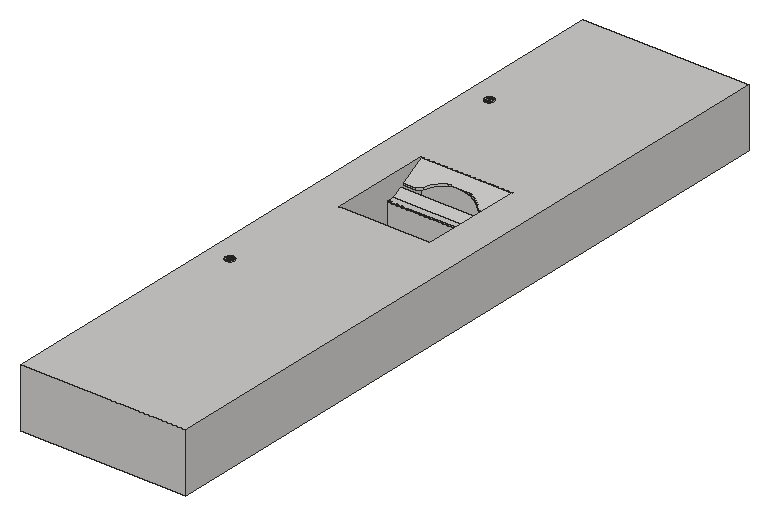
Revit family "B-380349", category Specialty Equipment, host Face, Revit 2019
Family settings
  Host = Face
  Round Connector Dimension = Use Diameter
  Part Type = Normal
  OmniClass Number = 23.40.20.21.17
  OmniClass Title = Paper Towel Dispensers, Disposal Units
  Cut with Voids When Loaded = Yes
  Shared = Yes
  Room Calculation Point = No
Parameters (values of type "B-380349")
  Width = 13"
  URL = "http://www.bobrick.com/"
  Type Comments = ""
  Revised Date = "11/04/2020"  # constant formula
  Product Page URL = "https://www.bobrick.com/products/washroom-accessories/washroom-accessories-catalog/product/b-380349/"
  Product Documentation Link = "https://www.bobrick.com/wp-content/uploads/B-380349_td.pdf"
  Model = "B-380349"
  Material = "Stainless Steel-Bobrick-Satin"
  Manufacturer = "Bobrick"
  Label = "4"
  Height = 55 1/8"
  Finish = Stainless Steel-Bobrick-Satin
  Description = "TrimLineSeries Recessed Paper Towel Dispenser And Waste Receptacle"
  Depth = 13 5/8"
  Default Elevation = 48"  # constant formula
  Creation Date = "04/24/2018"  # constant formula
  Assembly Code = "C1030200"
Reference planes (in)
  plane 1 "Center (Front/Back)": y = 0
  plane 2: z = 0
  plane 3 "Center (Left/Right)": x = 0
  plane 4: x = -6.5
  plane 5: y = 27.5625
  plane 6: y = -27.5625
  plane 7: x = 6.5
  plane 8: x = 5.53125
  plane 9: x = -5.53125
  plane 10: y = 26.59375
  plane 11: y = -26.59375
  plane 12: z = 4.625
  plane 13: y = 6.6875
  plane 14: z = 4.0625
  plane 15: x = -4.74385
  plane 16: y = -9.19474
  plane 17: y = 5.98054
  plane 18 "Finish Face of Flr": y = -42.01946
Forms (in)
  Extrusion 1, solid, material "Stainless Steel-Bobrick-Satin" <- "Finish"
    sketch origin (0, 0, 0) x (1, 0, 0) y (0, 1, 0)
      loop
        line (-6.5, 27.5625) -> (-6.5, -27.5625) -> (6.5, -27.5625) -> (6.5, 27.5625) -> (-6.5, 27.5625)
      loop
        line (-3.58641, 8.07155) -> (-3.58641, 0) -> (3.58641, 0) -> (3.58641, 8.07155) -> (-3.58641, 8.07155)
    from 0 to 4.0625
  Extrusion 2, solid, material "Stainless Steel-Bobrick-Satin" <- "Finish"
    sketch origin (0, 29.9335, 4.625) x (0, 1, 0) y (-1, 0, 0)
      loop
        line (-2.371, 6.5) -> (-57.496, 6.5) -> (-57.496, -6.5) -> (-2.371, -6.5) -> (-2.371, 6.5)
      loop
        line (-29.9335, 3.58641) -> (-29.9335, -3.58641) -> (-21.86195, -3.58641) -> (-21.86195, 3.58641) -> (-29.9335, 3.58641)
    from 0 to -0.5625
  Extrusion 3, solid, material "Stainless Steel-Bobrick-Satin" <- "Finish"
    sketch origin (0, 0, 2.5625) x (0, 1, 0) y (0, 0, 1)
      loop
        line (8.07155, 2.02646) -> (5.31939, 0.4375) -> (4.75, 0.4375) -> (4.75, 0.35217) -> (4.90252, 0.35217) -> (5.091, 0.16369) -> (8.07155, 1.88451) -> (8.07155, 2.02646)
    from -3.58641 to 3.58641
  Extrusion 4, void
    sketch origin (0, -0.3653, -2) x (1, 0, 0) y (0, 1, 0)
      loop
        line (-3.58641, 6.34584) -> (3.58641, 6.34584) -> (3.58641, 6.6875) -> (2.64341, 6.6875)
        arc (2.64341, 6.6875) -> (2.43706, 6.724) -> (2.25575, 6.82907) r 0.60156
        arc (2.25575, 6.82907) -> (0.03836, 7.63874) -> (-2.17892, 6.82877) r 3.44051
        arc (-2.17892, 6.82877) -> (-2.3598, 6.72392) -> (-2.56568, 6.6875) r 0.60007
        line (-2.56568, 6.6875) -> (-3.58641, 6.6875) -> (-3.58641, 6.34584)
    from 3.44774 to 6.0625
  Extrusion 5, void
    sketch origin (0, 0, 0) x (1, 0, 0) y (0, 1, 0)
      loop
        line (-6.5, 27.5625) -> (-6.5, -27.5625) -> (6.5, -27.5625) -> (6.5, 27.5625) -> (-6.5, 27.5625)
    from -4.07849 to 2.5625
  Extrusion 6, void
    sketch origin (0, 29.9335, 4.625) x (-1, 0, 0) y (0, 1, 0)
      loop
        line (4.69978, -13.47838) -> (4.69978, -13.59868)
        arc (4.69978, -13.59868) -> (4.61659, -13.71681) -> (4.69978, -13.83495) r 0.12547
        line (4.69978, -13.83495) -> (4.69978, -13.86838) -> (4.78178, -13.86838) -> (4.78178, -13.83583)
        arc (4.78178, -13.83583) -> (4.86753, -13.71681) -> (4.78178, -13.5978) r 0.12547
        line (4.78178, -13.5978) -> (4.78178, -13.47838) -> (4.69978, -13.47838)
      loop
        line (4.7564, -13.50963) -> (4.72515, -13.50963) -> (4.72515, -13.83713) -> (4.7564, -13.83713) -> (4.7564, -13.50963)
    from -0.10166 to 0.03136
  Revolve 7, solid, material "Stainless Steel-Bobrick-Satin" <- "Finish"
    sketch origin (-4.74966, 14.92008, -3.1123) x (0, -1, 0) y (0, 0, 1)
      loop
        line (-1.31454, 7.48742) -> (-0.97157, 7.48742) -> (-0.97157, 7.73742) -> (-1.00305, 7.70594)
        arc (-1.00305, 7.70594) -> (-1.01228, 7.7282) -> (-1.03454, 7.73742) r 0.03148
        line (-1.03454, 7.73742) -> (-1.31454, 7.73742) -> (-1.31454, 7.48742)
      axis (-1.31454, 7.48742) -> (-1.31454, 7.73742)
    angle from 0 to 360
  Extrusion 8, void
    sketch origin (0, 29.9335, 4.625) x (-1, 0, 0) y (0, 1, 0)
      loop
        line (4.69978, -38.91059) -> (4.69978, -39.03089)
        arc (4.69978, -39.03089) -> (4.61659, -39.14902) -> (4.69978, -39.26715) r 0.12547
        line (4.69978, -39.26715) -> (4.69978, -39.30059) -> (4.78178, -39.30059) -> (4.78178, -39.26804)
        arc (4.78178, -39.26804) -> (4.86753, -39.14902) -> (4.78178, -39.03) r 0.12547
        line (4.78178, -39.03) -> (4.78178, -38.91059) -> (4.69978, -38.91059)
      loop
        line (4.7564, -38.94184) -> (4.72515, -38.94184) -> (4.72515, -39.26934) -> (4.7564, -39.26934) -> (4.7564, -38.94184)
    from -0.05706 to 0.03136
  Revolve 9, solid, material "Stainless Steel-Bobrick-Satin" <- "Finish"
    sketch origin (-4.74966, -10.52014, -3.1123) x (0, -1, 0) y (0, 0, 1)
      loop
        line (-1.31454, 7.48742) -> (-0.97157, 7.48742) -> (-0.97157, 7.73742) -> (-1.00305, 7.70594)
        arc (-1.00305, 7.70594) -> (-1.01228, 7.7282) -> (-1.03454, 7.73742) r 0.03148
        line (-1.03454, 7.73742) -> (-1.31454, 7.73742) -> (-1.31454, 7.48742)
      axis (-1.31454, 7.48742) -> (-1.31454, 7.73742)
    angle from 0 to 360
  Extrusion 10, solid, material "Stainless Steel-Bobrick-Satin" <- "Finish"
    sketch origin (0, -0.3653, 0) x (1, 0, 0) y (0, 1, 0)
      loop
        line (3.58641, 0.3653) -> (3.58641, 8.43685) -> (-3.58641, 8.43685) -> (-3.58641, 0.3653) -> (3.58641, 0.3653)
    from 0 to 0.07578
  Extrusion 11, solid, material "Stainless Steel-Bobrick-Satin" <- "Finish"
    sketch origin (0, -0.3653, 0) x (0, 1, 0) y (0, 0, 1)
      loop
        line (5.1153, 2.91467) -> (5.1153, 0.07578) -> (5.14884, 0.07578) -> (5.14884, 2.91467) -> (5.1153, 2.91467)
    from -3.58641 to 3.58641
Cuts and joins
  Extrusion 4, Extrusion 6, Extrusion 8 cuts Extrusion 1
  Extrusion 4, Extrusion 6, Extrusion 8 cuts Extrusion 2
  joined: Extrusion 1, Extrusion 2, Extrusion 10
  Extrusion 4 cuts Extrusion 3
  Extrusion 6, Extrusion 8 cuts Revolve 7
  Extrusion 8 cuts Revolve 9
Lines and regions (in)
  Masking region 1
    outline origin (0, 0, 0) x (1, 0, 0) y (0, 0, 1)
      loop
        line (6.5, 4.625) -> (-6.5, 4.625) -> (-6.5, 0) -> (6.5, 0) -> (6.5, 4.625)
  symbolic lines
    curve 1: line (6.5, 0, 4.44701) -> (-6.5, 0, 4.44701)
Dimensions and locks (in)
  equal spacing: plane 4, plane 3 "Center (Left/Right)", plane 7
  "Width": plane 4 to plane 7
  equal spacing: plane 5, plane 1 "Center (Front/Back)", plane 6
  "Height": plane 5 to plane 6
  equal spacing: plane 9, plane 3 "Center (Left/Right)", plane 8
  locked: plane 9 to plane 8 at 11.0625
  equal spacing: plane 10, plane 1 "Center (Front/Back)", plane 11
  locked: plane 11 to plane 10 at 53.1875
  equal spacing: Extrusion 2 sketch curve, plane 3 "Center (Left/Right)", Extrusion 2 sketch curve
  locked: Extrusion 2 sketch curve to Extrusion 2 sketch curve at 7.17282
  plane 13 to plane 1 "Center (Front/Back)" = 6 11/16"
  locked: plane 12 to plane 14 at 0.5625
  plane 14 to level = 4 1/16"
  "Default Elevation": plane 17 to plane 18 "Finish Face of Flr"
  aligned and locked: plane 2 to host face
  aligned and locked: level to host face
  aligned and locked: plane 14 to Extrusion 2
  aligned and locked: Extrusion 5 sketch curve to cut or joined group of Extrusion 1, Extrusion 2, Extrusion 4, Extrusion 6, Extrusion 8, Extrusion 10  (x4)
  aligned and locked: cut or joined group of Extrusion 1, Extrusion 2, Extrusion 4, Extrusion 6, Extrusion 8, Extrusion 10 to Extrusion 10 sketch curve
  aligned and locked: Extrusion 10 sketch curve to cut or joined group of Extrusion 1, Extrusion 2, Extrusion 4, Extrusion 6, Extrusion 8, Extrusion 10
  aligned and locked: Extrusion 11 sketch curve to cut or joined group of Extrusion 3, Extrusion 4  (x2)
  aligned and locked: Extrusion 1 to Extrusion 2  (x3)
  aligned and locked: cut or joined group of Extrusion 8, Revolve 9 to Extrusion 8
  aligned and locked: plane 6 to Extrusion 1
  aligned and locked: plane 5 to Extrusion 1
  aligned and locked: Extrusion 10 to Extrusion 1  (x2)
  aligned and locked: Masking region 1 sketch curve to cut or joined group of Extrusion 1, Extrusion 2, Extrusion 4, Extrusion 6, Extrusion 8, Extrusion 10  (x3)
  aligned and locked: Masking region 1 to cut or joined group of Extrusion 1, Extrusion 2, Extrusion 4, Extrusion 6, Extrusion 8, Extrusion 10
  aligned and locked: curve 1 to cut or joined group of Extrusion 3, Extrusion 4
  aligned and locked: curve 1 to cut or joined group of Extrusion 1, Extrusion 2, Extrusion 4, Extrusion 6, Extrusion 8, Extrusion 10  (x2)
Automatic sketch dimensions
  host sketch curve to host sketch curve = 96"  (x2)
  Extrusion 3 sketch curve to plane 13 = 1 15/16"
  Extrusion 3 sketch curve to Extrusion 3 sketch curve = 0.15252"
  Extrusion 3 sketch curve to Extrusion 3 sketch curve = 0.18848"  (x2)
  Extrusion 3 sketch curve to Extrusion 3 sketch curve = 0.22839"
  level to Extrusion 3 sketch curve = 4.58896"
  plane 13 to Extrusion 3 sketch curve = 1.38405"
  level to Extrusion 3 sketch curve = 4.44701"
  level to Extrusion 3 sketch curve = 3"
  Extrusion 3 sketch curve to Extrusion 3 sketch curve = 0.08533"
  Extrusion 4 sketch curve to plane 13 = 0.3653"  (x2)
  plane 15 to Extrusion 4 sketch curve = 1.15745"
  Extrusion 4 sketch curve to Extrusion 4 sketch curve = 1.02073"
  plane 3 "Center (Left/Right)" to Extrusion 4 sketch curve = 0.03859"
  plane 3 "Center (Left/Right)" to Extrusion 4 sketch curve = 2.64341"
  Extrusion 4 sketch curve to Extrusion 4 sketch curve = 0.943"
  Extrusion 4 sketch curve to plane 13 = 0.70696"
  Extrusion 4 sketch curve to plane 13 = 2.85457"
  Extrusion 4 sketch curve to Extrusion 4 sketch curve = 0.60007"
  Extrusion 4 sketch curve to Extrusion 4 sketch curve = 77/128"
  Extrusion 4 sketch curve to Extrusion 4 sketch curve = 0"
  plane 14 to Revolve 7 sketch curve = 0.56262"  (x3)
  plane 14 to Revolve 7 sketch curve = 0.31262"
  plane 13 to Revolve 7 sketch curve = 9.54712"
  plane 14 to Revolve 7 sketch curve = 0.53114"
  Revolve 7 sketch curve to Revolve 7 sketch curve = 0.28"
  Revolve 7 sketch curve to Revolve 7 sketch curve = 0.03148"
  Revolve 7 sketch curve to Revolve 7 sketch curve = 0"
  plane 14 to Revolve 7 sketch curve = 0.6771"
  plane 14 to Revolve 9 sketch curve = 0.56262"  (x3)
  Revolve 9 sketch curve to plane 16 = 0.01087"  (x2)
  plane 14 to Revolve 9 sketch curve = 0.53114"
  Revolve 9 sketch curve to plane 16 = 0.29087"
  Revolve 9 sketch curve to Revolve 9 sketch curve = 0.03148"
  Revolve 9 sketch curve to Revolve 9 sketch curve = 0.21852"
  Revolve 9 sketch curve to Revolve 9 sketch curve = 0.11448"
  plane 9 to Extrusion 1 sketch curve = 31/32"
  plane 1 "Center (Front/Back)" to Extrusion 1 sketch curve = 0"
  plane 8 to Extrusion 1 sketch curve = 31/32"
  plane 11 to Extrusion 1 sketch curve = 31/32"
  plane 10 to Extrusion 1 sketch curve = 31/32"
  plane 15 to Extrusion 1 sketch curve = 1.15745"
  Extrusion 1 sketch curve to plane 8 = 1.94484"
  plane 13 to Extrusion 1 sketch curve = 1.38405"
  Extrusion 11 sketch curve to Extrusion 11 sketch curve = 0.03354"
  Extrusion 2 sketch curve to plane 4 = 0"
  plane 6 to Extrusion 2 sketch curve = 0"
  plane 1 "Center (Front/Back)" to Extrusion 2 sketch curve = 0"
  Extrusion 2 sketch curve to plane 5 = 0"
  Extrusion 2 sketch curve to plane 7 = 0"
  plane 13 to Extrusion 2 sketch curve = 1.38405"
  plane 1 "Center (Front/Back)" to Extrusion 10 sketch curve = 0"
  plane 13 to Extrusion 10 sketch curve = 1.38405"
  Extrusion 8 sketch curve to Extrusion 8 sketch curve = 0"  (x2)
  plane 15 to Extrusion 8 sketch curve = 0.04408"  (x2)
  Extrusion 8 sketch curve to plane 16 = 0.17235"
  plane 15 to Extrusion 8 sketch curve = 0.0187"
  Extrusion 8 sketch curve to Extrusion 8 sketch curve = 1/32"  (x2)
  Extrusion 8 sketch curve to Extrusion 8 sketch curve = 0.0013"
  Extrusion 8 sketch curve to Extrusion 8 sketch curve = 0.00218"
  plane 15 to Extrusion 8 sketch curve = 0.00179"
  Extrusion 8 sketch curve to plane 16 = 0.02079"
  Extrusion 8 sketch curve to plane 15 = 0.03792"
  Extrusion 8 sketch curve to Extrusion 8 sketch curve = 0.00089"
  Extrusion 8 sketch curve to plane 15 = 0.01255"
  Extrusion 8 sketch curve to Extrusion 8 sketch curve = 0.08817"
  Extrusion 6 sketch curve to Extrusion 6 sketch curve = 0"  (x2)
  plane 15 to Extrusion 6 sketch curve = 0.04408"  (x2)
  plane 13 to Extrusion 6 sketch curve = 9.37762"
  plane 15 to Extrusion 6 sketch curve = 0.0187"
  Extrusion 6 sketch curve to Extrusion 6 sketch curve = 1/32"  (x2)
  Extrusion 6 sketch curve to Extrusion 6 sketch curve = 0.0013"
  Extrusion 6 sketch curve to Extrusion 6 sketch curve = 0.00218"
  plane 15 to Extrusion 6 sketch curve = 0.00179"
  Extrusion 6 sketch curve to Extrusion 6 sketch curve = 0.12031"
  Extrusion 6 sketch curve to plane 15 = 0.03792"
  Extrusion 6 sketch curve to Extrusion 6 sketch curve = 0.00089"
  Extrusion 6 sketch curve to plane 15 = 0.01255"
  Extrusion 6 sketch curve to Extrusion 6 sketch curve = 0.08817"
  level to Extrusion 11 sketch curve = 0.07578"
  Masking region 1 sketch curve to level = 0"
